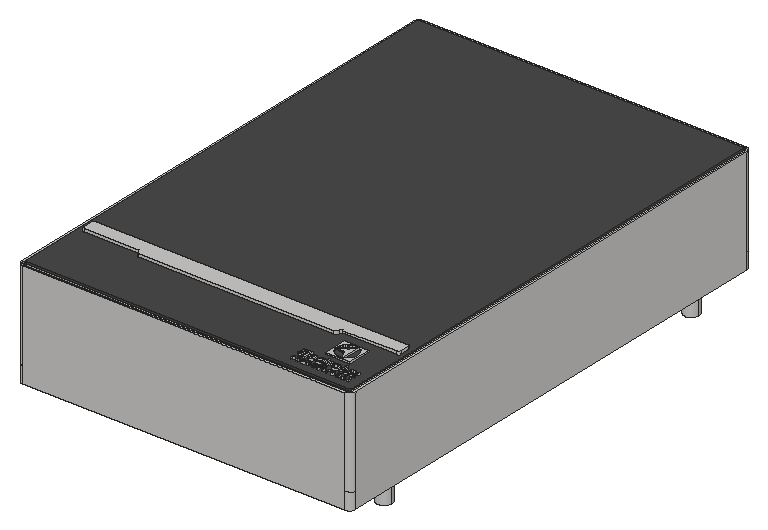
Revit family "QF_ELECTROLUXPROFESSIONAL_600879_E1HAEEOMCS", category Specialty Equipment, Revit 2018
Family settings
  Round Connector Dimension = Use Diameter
  Part Type = Normal
  Work Plane-Based = No
  Always vertical = Yes
  Cut with Voids When Loaded = No
  Shared = No
  Room Calculation Point = No
Parameters (values of type "Standard")
  Watts = 0 W
  Volts = 220 V
  URL = "http://professional.electrolux.com"
  Steam Supply Size = 0 mm
  Steam Supply Minimum Pressure = 0.0 Pa
  Steam Supply Maximum Pressure = 0.0 Pa
  Steam Pounds per Hour = 0
  Show Logo [instance] = yes
  Manufacturer = "Electrolux Professional"
  Phase = 1
  Model = "E1HAEEOMCS"
  Item Number = "600879"
  Hot Water Size = 0 mm
  HP = "4.7 HP"
  Gas Size = 0 mm
  Gas KW = 0
  Direct Waste Size = 0 mm
  Description = "PLUG-IN INDUCTION DOUBLE ZONE COOK TOP"
  Cycle = 60 Hz
  Condensate Return Size = 0 mm
  Compressed Air Volume = 0.0 L/s
  Compressed Air Size = 0 mm
  Compressed Air Pressure = 0.0 Pa
  Cold Water Size = 0 mm
Values of the unnamed type that differ from the named types
  Volts = 0 V
  Item Number = ""
  Cycle = 0 Hz
Reference planes
  plane 1 "Centro (Fronte/Retro)": y = 74.737
  plane 2: z = 0
  plane 3: x = -514.269
  plane 4 "LEFT": x = -714.269
  plane 5 "RIGHT": x = -314.269
  plane 6 "BACK": y = 374.737
  plane 7 "FRONT": y = -225.263
  plane 8: x = -712.269
  plane 9: y = 372.737
  plane 10: x = -316.269
  plane 11: y = -223.263
  plane 12: y = -124.263
  plane 13: x = -698.269
  plane 14: x = -330.269
  plane 15: y = 304.737
  plane 16: y = -155.263
  plane 17: x = -442.269
  plane 18: y = 179.737
  plane 19: z = 764
Forms (mm)
  Extrusion 1, solid, material "QF_Finishes_Stainless Steel"
    sketch origin (0, 0, 788) x (1, 0, 0) y (0, 1, 0)
      loop
        arc (-707.269, 374.737) -> (-712.218, 372.687) -> (-714.269, 367.737) r 7
        line (-714.269, 367.737) -> (-714.269, -218.263)
        arc (-714.269, -218.263) -> (-712.218, -223.213) -> (-707.269, -225.263) r 7
        line (-707.269, -225.263) -> (-321.269, -225.263)
        arc (-321.269, -225.263) -> (-316.319, -223.213) -> (-314.269, -218.263) r 7
        line (-314.269, -218.263) -> (-314.269, 367.737)
        arc (-314.269, 367.737) -> (-316.319, 372.687) -> (-321.269, 374.737) r 7
        line (-321.269, 374.737) -> (-707.269, 374.737)
    from 0 to 20
  Extrusion 2, solid, material "QF_Finishes_Stainless Steel"
    sketch origin (0, 0, 788) x (1, 0, 0) y (0, 1, 0)
      loop
        line (-321.269, 374.737) -> (-707.269, 374.737)
        arc (-707.269, 374.737) -> (-712.218, 372.687) -> (-714.269, 367.737) r 7
        line (-714.269, 367.737) -> (-714.269, -218.263)
        arc (-714.269, -218.263) -> (-712.218, -223.213) -> (-707.269, -225.263) r 7
        line (-707.269, -225.263) -> (-321.269, -225.263)
        arc (-321.269, -225.263) -> (-316.319, -223.213) -> (-314.269, -218.263) r 7
        line (-314.269, -218.263) -> (-314.269, 367.737)
        arc (-314.269, 367.737) -> (-316.319, 372.687) -> (-321.269, 374.737) r 7
      loop
        arc (-707.269, 372.737) -> (-710.804, 371.273) -> (-712.269, 367.737) r 5
        line (-712.269, 367.737) -> (-712.269, -218.263)
        arc (-712.269, -218.263) -> (-710.804, -221.798) -> (-707.269, -223.263) r 5
        line (-707.269, -223.263) -> (-321.269, -223.263)
        arc (-321.269, -223.263) -> (-317.733, -221.798) -> (-316.269, -218.263) r 5
        line (-316.269, -218.263) -> (-316.269, 367.737)
        arc (-316.269, 367.737) -> (-317.733, 371.273) -> (-321.269, 372.737) r 5
        line (-321.269, 372.737) -> (-707.269, 372.737)
    from 20 to 126
  Extrusion 3, solid, material "QF_Finishes_Black"
    sketch origin (0, 0, 914) x (-1, 0, 0) y (0, -1, 0)
      loop
        arc (707.269, -369.737) -> (708.683, -369.151) -> (709.269, -367.737) r 2
        line (709.269, -367.737) -> (709.269, 218.263)
        arc (709.269, 218.263) -> (708.683, 219.677) -> (707.269, 220.263) r 2
        line (707.269, 220.263) -> (321.269, 220.263)
        arc (321.269, 220.263) -> (319.854, 219.677) -> (319.269, 218.263) r 2
        line (319.269, 218.263) -> (319.269, -367.737)
        arc (319.269, -367.737) -> (319.854, -369.151) -> (321.269, -369.737) r 2
        line (321.269, -369.737) -> (707.269, -369.737)
    from 0 to 2
  Extrusion 4, solid, material "QF_Finishes_Stainless Steel"
    sketch origin (0, 0, 914) x (-1, 0, 0) y (0, -1, 0)
      loop
        arc (701.269, 124.263) -> (703.39, 125.142) -> (704.269, 127.263) r 3
        line (704.269, 127.263) -> (704.269, 137.763)
        arc (704.269, 137.763) -> (703.39, 139.884) -> (701.269, 140.763) r 3
        line (701.269, 140.763) -> (637.269, 140.763)
        arc (637.269, 140.763) -> (635.147, 141.642) -> (634.269, 143.763) r 3
        arc (634.269, 143.763) -> (633.39, 145.884) -> (631.269, 146.763) r 3
        line (631.269, 146.763) -> (397.269, 146.763)
        arc (397.269, 146.763) -> (395.147, 145.884) -> (394.269, 143.763) r 3
        arc (394.269, 143.763) -> (393.39, 141.642) -> (391.269, 140.763) r 3
        line (391.269, 140.763) -> (327.269, 140.763)
        arc (327.269, 140.763) -> (325.147, 139.884) -> (324.269, 137.763) r 3
        line (324.269, 137.763) -> (324.269, 127.263)
        arc (324.269, 127.263) -> (325.147, 125.142) -> (327.269, 124.263) r 3
        line (327.269, 124.263) -> (701.269, 124.263)
    from 2 to 5
  Extrusion 5, solid, material "QF_Finishes_Stainless Steel"
    sketch origin (0, 0, 140) x (-1, 0, 0) y (0, -1, 0)
      loop
        circle (698.269, -304.737) r 9
      loop
        circle (330.269, -304.737) r 9
      loop
        circle (698.269, 155.263) r 9
      loop
        circle (330.269, 155.263) r 9
    from 624 to 648
  Extrusion 6, solid, material "QF_Finishes_Stainless Steel"
    sketch origin (0, 0, 140) x (-1, 0, 0) y (0, -1, 0)
      loop
        circle (442.269, -179.737) r 10
    from 638.028 to 648
Cuts and joins
  joined: Extrusion 1, Extrusion 2
Lines and regions (mm)
  Split face 1
    outline origin (0, 0, 916) x (-1, 0, 0) y (0, -1, 0)
      loop
        line (324.269, 124.263) -> (324.269, -364.737) -> (704.269, -364.737) -> (704.269, 124.263) -> (324.269, 124.263)
  Split face 2
    outline origin (0, 0, 916) x (-1, 0, 0) y (0, -1, 0)
      loop
        circle (514.269, -237.487) r 104
  Split face 3
    outline origin (0, 240.474, 916) x (-1, 0, 0) y (0, -1, 0)
      loop
        circle (514.269, 237.487) r 104
  symbolic lines
    curve 1: line (-321.269, 374.737, 126) -> (-707.269, 374.737, 126)
    curve 2: arc (-707.269, 374.737, 126) -> (-712.218, 372.687, 126) -> (-714.269, 367.737, 126) r 7
    curve 3: line (-714.269, 367.737, 126) -> (-714.269, -218.263, 126)
    curve 4: arc (-714.269, -218.263, 126) -> (-712.218, -223.213, 126) -> (-707.269, -225.263, 126) r 7
    curve 5: line (-707.269, -225.263, 126) -> (-321.269, -225.263, 126)
    curve 6: arc (-321.269, -225.263, 126) -> (-316.319, -223.213, 126) -> (-314.269, -218.263, 126) r 7
    curve 7: line (-314.269, -218.263, 126) -> (-314.269, 367.737, 126)
    curve 8: arc (-314.269, 367.737, 126) -> (-316.319, 372.687, 126) -> (-321.269, 374.737, 126) r 7
    curve 9: line (-707.269, 372.737, 126) -> (-321.269, 372.737, 126)
    curve 10: arc (-321.269, 372.737, 126) -> (-317.733, 371.273, 126) -> (-316.269, 367.737, 126) r 5
    curve 11: line (-316.269, 367.737, 126) -> (-316.269, -218.263, 126)
    curve 12: arc (-316.269, -218.263, 126) -> (-317.733, -221.798, 126) -> (-321.269, -223.263, 126) r 5
    curve 13: line (-321.269, -223.263, 126) -> (-707.269, -223.263, 126)
    curve 14: arc (-707.269, -223.263, 126) -> (-710.804, -221.798, 126) -> (-712.269, -218.263, 126) r 5
    curve 15: line (-712.269, -218.263, 126) -> (-712.269, 367.737, 126)
    curve 16: arc (-712.269, 367.737, 126) -> (-710.804, 371.273, 126) -> (-707.269, 372.737, 126) r 5
    curve 17: line (-631.269, -146.763, 126) -> (-397.269, -146.763, 126)
    curve 18: arc (-397.269, -146.763, 126) -> (-395.147, -145.884, 126) -> (-394.269, -143.763, 126) r 3
    curve 19: arc (-394.269, -143.763, 126) -> (-393.39, -141.642, 126) -> (-391.269, -140.763, 126) r 3
    curve 20: line (-391.269, -140.763, 126) -> (-327.269, -140.763, 126)
    curve 21: arc (-327.269, -140.763, 126) -> (-325.147, -139.884, 126) -> (-324.269, -137.763, 126) r 3
    curve 22: line (-324.269, -137.763, 126) -> (-324.269, -127.263, 126)
    curve 23: arc (-324.269, -127.263, 126) -> (-325.147, -125.142, 126) -> (-327.269, -124.263, 126) r 3
    curve 24: line (-324.269, -124.263, 126) -> (-704.269, -124.263, 126)
    curve 25: arc (-701.269, -124.263, 126) -> (-703.39, -125.142, 126) -> (-704.269, -127.263, 126) r 3
    curve 26: line (-704.269, -127.263, 126) -> (-704.269, -137.763, 126)
    curve 27: arc (-704.269, -137.763, 126) -> (-703.39, -139.884, 126) -> (-701.269, -140.763, 126) r 3
    curve 28: line (-701.269, -140.763, 126) -> (-637.269, -140.763, 126)
    curve 29: arc (-637.269, -140.763, 126) -> (-635.147, -141.642, 126) -> (-634.269, -143.763, 126) r 3
    curve 30: arc (-634.269, -143.763, 126) -> (-633.39, -145.884, 126) -> (-631.269, -146.763, 126) r 3
    curve 31: line (-704.269, 364.737, 126) -> (-704.269, -124.263, 126)
    curve 32: line (-324.269, -124.263, 126) -> (-324.269, 364.737, 126)
    curve 33: line (-324.269, 364.737, 126) -> (-704.269, 364.737, 126)
    curve 34: line (-319.269, -218.263, 126) -> (-319.269, 367.737, 126)
    curve 35: arc (-319.269, 367.737, 126) -> (-319.854, 369.151, 126) -> (-321.269, 369.737, 126) r 2
    curve 36: line (-321.269, 369.737, 126) -> (-707.269, 369.737, 126)
    curve 37: arc (-707.269, 369.737, 126) -> (-708.683, 369.151, 126) -> (-709.269, 367.737, 126) r 2
    curve 38: line (-709.269, 367.737, 126) -> (-709.269, -218.263, 126)
    curve 39: arc (-709.269, -218.263, 126) -> (-708.683, -219.677, 126) -> (-707.269, -220.263, 126) r 2
    curve 40: line (-707.269, -220.263, 126) -> (-321.269, -220.263, 126)
    curve 41: arc (-321.269, -220.263, 126) -> (-319.854, -219.677, 126) -> (-319.269, -218.263, 126) r 2
    curve 42: line (-378.626, -153.452, 126) -> (-378.626, -182.168, 126)
    curve 43: line (-378.626, -182.168, 126) -> (-349.912, -182.168, 126)
    curve 44: line (-349.912, -182.168, 126) -> (-349.912, -153.452, 126)
    curve 45: line (-349.912, -153.452, 126) -> (-378.626, -153.452, 126)
    curve 46: line (-375.841, -162.424, 126) -> (-375.07, -161.023, 126)
    curve 47: line (-375.07, -161.023, 126) -> (-374.141, -159.732, 126)
    curve 48: line (-374.141, -159.732, 126) -> (-373.065, -158.564, 126)
    curve 49: line (-373.065, -158.564, 126) -> (-371.856, -157.535, 126)
    curve 50: line (-371.856, -157.535, 126) -> (-370.527, -156.661, 126)
    curve 51: line (-370.527, -156.661, 126) -> (-369.091, -155.954, 126)
    curve 52: line (-369.091, -155.954, 126) -> (-367.562, -155.431, 126)
    curve 53: line (-367.562, -155.431, 126) -> (-365.952, -155.107, 126)
    curve 54: arc (-365.952, -155.107, 126) -> (-363.752, -155.007, 126) -> (-361.567, -155.279, 126) r 13.008
    curve 55: arc (-361.567, -155.279, 126) -> (-361.815, -157.647, 126) -> (-362.651, -159.876, 126) r 9.395
    curve 56: line (-362.651, -159.876, 126) -> (-363.438, -161.245, 126)
    curve 57: line (-363.438, -161.245, 126) -> (-364.403, -162.507, 126)
    curve 58: line (-364.403, -162.507, 126) -> (-365.524, -163.648, 126)
    curve 59: line (-365.524, -163.648, 126) -> (-366.781, -164.654, 126)
    curve 60: line (-366.781, -164.654, 126) -> (-368.151, -165.509, 126)
    curve 61: line (-368.151, -165.509, 126) -> (-369.615, -166.2, 126)
    curve 62: line (-369.615, -166.2, 126) -> (-371.15, -166.712, 126)
    curve 63: line (-371.15, -166.712, 126) -> (-372.736, -167.029, 126)
    curve 64: line (-372.736, -167.029, 126) -> (-374.352, -167.138, 126)
    curve 65: line (-374.352, -167.138, 126) -> (-377.067, -167.138, 126)
    curve 66: line (-377.067, -167.138, 126) -> (-376.852, -165.495, 126)
    curve 67: line (-376.852, -165.495, 126) -> (-376.439, -163.92, 126)
    curve 68: line (-376.439, -163.92, 126) -> (-375.841, -162.424, 126)
    curve 69: line (-360.221, -179.969, 126) -> (-360.221, -155.646, 126)
    curve 70: line (-360.221, -155.646, 126) -> (-358.743, -156.237, 126)
    curve 71: line (-358.743, -156.237, 126) -> (-357.363, -157.003, 126)
    curve 72: line (-357.363, -157.003, 126) -> (-356.095, -157.931, 126)
    curve 73: line (-356.095, -157.931, 126) -> (-354.951, -159.007, 126)
    curve 74: line (-354.951, -159.007, 126) -> (-353.945, -160.217, 126)
    curve 75: line (-353.945, -160.217, 126) -> (-353.092, -161.548, 126)
    curve 76: line (-353.092, -161.548, 126) -> (-352.403, -162.986, 126)
    curve 77: line (-352.403, -162.986, 126) -> (-351.894, -164.517, 126)
    curve 78: line (-351.894, -164.517, 126) -> (-351.576, -166.128, 126)
    curve 79: line (-351.576, -166.128, 126) -> (-351.464, -167.804, 126)
    curve 80: line (-351.464, -167.804, 126) -> (-351.567, -169.456, 126)
    curve 81: line (-351.567, -169.456, 126) -> (-351.873, -171.047, 126)
    curve 82: line (-351.873, -171.047, 126) -> (-352.372, -172.563, 126)
    curve 83: line (-352.372, -172.563, 126) -> (-353.05, -173.992, 126)
    curve 84: line (-353.05, -173.992, 126) -> (-353.897, -175.319, 126)
    curve 85: line (-353.897, -175.319, 126) -> (-354.899, -176.532, 126)
    curve 86: line (-354.899, -176.532, 126) -> (-356.044, -177.617, 126)
    curve 87: line (-356.044, -177.617, 126) -> (-357.321, -178.56, 126)
    curve 88: line (-357.321, -178.56, 126) -> (-358.718, -179.349, 126)
    curve 89: line (-358.718, -179.349, 126) -> (-360.221, -179.969, 126)
    curve 90: line (-369.613, -169.43, 126) -> (-368.15, -170.12, 126)
    curve 91: line (-368.15, -170.12, 126) -> (-366.78, -170.975, 126)
    curve 92: line (-366.78, -170.975, 126) -> (-365.524, -171.98, 126)
    curve 93: line (-365.524, -171.98, 126) -> (-364.403, -173.12, 126)
    curve 94: line (-364.403, -173.12, 126) -> (-363.439, -174.381, 126)
    curve 95: line (-363.439, -174.381, 126) -> (-362.652, -175.748, 126)
    curve 96: arc (-362.652, -175.748, 126) -> (-361.85, -177.982, 126) -> (-361.568, -180.34, 126) r 10.532
    curve 97: arc (-361.568, -180.34, 126) -> (-362.906, -180.548, 126) -> (-364.258, -180.63, 126) r 14.39
    curve 98: line (-364.258, -180.63, 126) -> (-365.828, -180.532, 126)
    curve 99: line (-365.828, -180.532, 126) -> (-367.331, -180.252, 126)
    curve 100: line (-367.331, -180.252, 126) -> (-368.77, -179.801, 126)
    curve 101: line (-368.77, -179.801, 126) -> (-370.134, -179.191, 126)
    curve 102: line (-370.134, -179.191, 126) -> (-371.411, -178.434, 126)
    curve 103: line (-371.411, -178.434, 126) -> (-372.589, -177.541, 126)
    curve 104: line (-372.589, -177.541, 126) -> (-373.656, -176.525, 126)
    curve 105: line (-373.656, -176.525, 126) -> (-374.6, -175.397, 126)
    curve 106: line (-374.6, -175.397, 126) -> (-375.41, -174.168, 126)
    curve 107: line (-375.41, -174.168, 126) -> (-376.073, -172.852, 126)
    curve 108: line (-376.073, -172.852, 126) -> (-376.579, -171.46, 126)
    curve 109: line (-376.579, -171.46, 126) -> (-376.915, -170.003, 126)
    curve 110: line (-376.915, -170.003, 126) -> (-377.069, -168.493, 126)
    curve 111: line (-377.069, -168.493, 126) -> (-374.35, -168.493, 126)
    curve 112: line (-374.35, -168.493, 126) -> (-372.734, -168.602, 126)
    curve 113: line (-372.734, -168.602, 126) -> (-371.148, -168.919, 126)
    curve 114: line (-371.148, -168.919, 126) -> (-369.613, -169.43, 126)
    curve 115: arc (-399.495, -197.154, 126) -> (-398.466, -199.638, 126) -> (-395.982, -200.667, 126) r 3.513
    curve 116: line (-395.982, -200.667, 126) -> (-392.408, -200.667, 126)
    curve 117: line (-392.408, -200.667, 126) -> (-392.408, -198.85, 126)
    curve 118: line (-392.408, -198.85, 126) -> (-395.966, -198.85, 126)
    curve 119: arc (-395.966, -198.85, 126) -> (-397.094, -198.382, 126) -> (-397.562, -197.254, 126) r 1.596
    curve 120: line (-397.562, -197.254, 126) -> (-397.562, -195.74, 126)
    curve 121: line (-397.562, -195.74, 126) -> (-392.843, -195.74, 126)
    curve 122: line (-392.843, -195.74, 126) -> (-392.843, -193.917, 126)
    curve 123: line (-392.843, -193.917, 126) -> (-397.563, -193.917, 126)
    curve 124: line (-397.563, -193.917, 126) -> (-397.563, -191.264, 126)
    curve 125: line (-397.563, -191.264, 126) -> (-392.542, -191.264, 126)
    curve 126: line (-392.542, -191.264, 126) -> (-392.542, -189.445, 126)
    curve 127: line (-392.542, -189.445, 126) -> (-399.495, -189.445, 126)
    curve 128: line (-399.495, -189.445, 126) -> (-399.495, -193.353, 126)
    curve 129: line (-399.495, -193.353, 126) -> (-399.495, -197.154, 126)
    curve 130: line (-389.101, -189.455, 126) -> (-391.035, -189.455, 126)
    curve 131: line (-391.035, -189.455, 126) -> (-391.035, -194.76, 126)
    curve 132: line (-391.035, -194.76, 126) -> (-391.035, -200.681, 126)
    curve 133: line (-391.035, -200.681, 126) -> (-389.101, -200.681, 126)
    curve 134: line (-389.101, -200.681, 126) -> (-389.101, -194.721, 126)
    curve 135: line (-389.101, -194.721, 126) -> (-389.101, -189.455, 126)
    curve 136: arc (-380.394, -193.787, 126) -> (-383.654, -192.313, 126) -> (-386.913, -193.787, 126) r 4.34
    curve 137: arc (-386.913, -193.787, 126) -> (-387.819, -196.606, 126) -> (-386.913, -199.425, 126) r 4.838
    curve 138: arc (-386.913, -199.425, 126) -> (-383.498, -200.88, 126) -> (-380.082, -199.425, 126) r 4.737
    curve 139: line (-380.082, -199.425, 126) -> (-381.246, -198.293, 126)
    curve 140: arc (-381.246, -198.293, 126) -> (-383.382, -199.237, 126) -> (-385.517, -198.293, 126) r 2.888
    curve 141: arc (-385.517, -198.293, 126) -> (-385.841, -197.736, 126) -> (-385.905, -197.095, 126) r 1.527
    curve 142: line (-385.905, -197.095, 126) -> (-379.564, -197.095, 126)
    curve 143: arc (-379.564, -197.095, 126) -> (-379.672, -195.364, 126) -> (-380.394, -193.787, 126) r 4.757
    curve 144: line (-381.505, -195.736, 126) -> (-385.858, -195.736, 126)
    curve 145: arc (-385.858, -195.736, 126) -> (-385.043, -194.411, 126) -> (-383.56, -193.941, 126) r 2.23
    curve 146: arc (-383.56, -193.941, 126) -> (-382.221, -194.482, 126) -> (-381.505, -195.736, 126) r 2.201
    curve 147: arc (-372.029, -198.26, 126) -> (-376.639, -196.593, 126) -> (-372.029, -194.927, 126) r 2.606
    curve 148: line (-372.029, -194.927, 126) -> (-370.832, -193.681, 126)
    curve 149: arc (-370.832, -193.681, 126) -> (-378.564, -196.594, 126) -> (-370.832, -199.507, 126) r 4.415
    curve 150: line (-370.832, -199.507, 126) -> (-372.029, -198.26, 126)
    curve 151: line (-369.629, -193.481, 126) -> (-369.629, -197.299, 126)
    curve 152: arc (-369.629, -197.299, 126) -> (-368.592, -199.893, 126) -> (-365.911, -200.681, 126) r 3.196
    curve 153: line (-365.911, -200.681, 126) -> (-365.904, -198.864, 126)
    curve 154: arc (-365.904, -198.864, 126) -> (-367.239, -198.457, 126) -> (-367.699, -197.14, 126) r 1.542
    curve 155: line (-367.699, -197.14, 126) -> (-367.699, -194.319, 126)
    curve 156: line (-367.699, -194.319, 126) -> (-365.94, -194.319, 126)
    curve 157: line (-365.94, -194.319, 126) -> (-365.94, -192.562, 126)
    curve 158: line (-365.94, -192.562, 126) -> (-367.696, -192.562, 126)
    curve 159: line (-367.696, -192.562, 126) -> (-367.696, -189.455, 126)
    curve 160: line (-367.696, -189.455, 126) -> (-369.629, -189.455, 126)
    curve 161: line (-369.629, -189.455, 126) -> (-369.629, -193.481, 126)
    curve 162: arc (-359.402, -192.451, 126) -> (-361.13, -192.587, 126) -> (-362.397, -193.771, 126) r 2.627
    curve 163: line (-362.397, -193.771, 126) -> (-362.397, -192.563, 126)
    curve 164: line (-362.397, -192.563, 126) -> (-364.315, -192.563, 126)
    curve 165: line (-364.315, -192.563, 126) -> (-364.315, -196.541, 126)
    curve 166: line (-364.315, -196.541, 126) -> (-364.315, -200.681, 126)
    curve 167: line (-364.315, -200.681, 126) -> (-362.397, -200.681, 126)
    curve 168: line (-362.397, -200.681, 126) -> (-362.397, -196.412, 126)
    curve 169: arc (-362.397, -196.412, 126) -> (-361.445, -194.585, 126) -> (-359.402, -194.319, 126) r 2.229
    curve 170: line (-359.402, -194.319, 126) -> (-359.402, -192.451, 126)
    curve 171: arc (-350.248, -196.625, 126) -> (-354.668, -192.205, 126) -> (-359.088, -196.625, 126) r 4.42
    curve 172: arc (-359.088, -196.625, 126) -> (-354.668, -201.046, 126) -> (-350.248, -196.625, 126) r 4.42
    curve 173: arc (-357.176, -196.625, 126) -> (-354.668, -194.117, 126) -> (-352.16, -196.625, 126) r 2.508
    curve 174: arc (-352.16, -196.625, 126) -> (-354.668, -199.134, 126) -> (-357.176, -196.625, 126) r 2.508
    curve 175: line (-347.124, -189.454, 126) -> (-349.058, -189.454, 126)
    curve 176: line (-349.058, -189.454, 126) -> (-349.058, -194.566, 126)
    curve 177: line (-349.058, -194.566, 126) -> (-349.058, -200.682, 126)
    curve 178: line (-349.058, -200.682, 126) -> (-347.124, -200.682, 126)
    curve 179: line (-347.124, -200.682, 126) -> (-347.124, -194.643, 126)
    curve 180: line (-347.124, -194.643, 126) -> (-347.124, -189.454, 126)
    curve 181: line (-343.697, -192.562, 126) -> (-345.646, -192.562, 126)
    curve 182: line (-345.646, -192.562, 126) -> (-345.646, -194.915, 126)
    curve 183: line (-345.646, -194.915, 126) -> (-345.646, -197.715, 126)
    curve 184: arc (-345.646, -197.715, 126) -> (-341.931, -201.044, 126) -> (-338.204, -197.728, 126) r 3.745
    curve 185: line (-338.204, -197.728, 126) -> (-338.204, -194.915, 126)
    curve 186: line (-338.204, -194.915, 126) -> (-338.204, -192.562, 126)
    curve 187: line (-338.204, -192.562, 126) -> (-340.152, -192.562, 126)
    curve 188: line (-340.152, -192.562, 126) -> (-340.152, -197.299, 126)
    curve 189: arc (-340.152, -197.299, 126) -> (-341.925, -199.071, 126) -> (-343.697, -197.299, 126) r 1.772
    curve 190: line (-343.697, -197.299, 126) -> (-343.697, -192.562, 126)
    curve 191: line (-334.237, -196.397, 126) -> (-335.916, -198.735, 126)
    curve 192: line (-335.916, -198.735, 126) -> (-337.313, -200.682, 126)
    curve 193: line (-337.313, -200.682, 126) -> (-335.235, -200.682, 126)
    curve 194: line (-335.235, -200.682, 126) -> (-333.174, -197.813, 126)
    curve 195: line (-333.174, -197.813, 126) -> (-331.112, -200.682, 126)
    curve 196: line (-331.112, -200.682, 126) -> (-329.034, -200.682, 126)
    curve 197: line (-329.034, -200.682, 126) -> (-330.891, -198.085, 126)
    curve 198: line (-330.891, -198.085, 126) -> (-332.11, -196.38, 126)
    curve 199: line (-332.11, -196.38, 126) -> (-330.601, -194.325, 126)
    curve 200: line (-330.601, -194.325, 126) -> (-329.308, -192.563, 126)
    curve 201: line (-329.308, -192.563, 126) -> (-331.418, -192.563, 126)
    curve 202: line (-331.418, -192.563, 126) -> (-333.174, -194.995, 126)
    curve 203: line (-333.174, -194.995, 126) -> (-334.946, -192.563, 126)
    curve 204: line (-334.946, -192.563, 126) -> (-337.039, -192.563, 126)
    curve 205: line (-337.039, -192.563, 126) -> (-335.839, -194.205, 126)
    curve 206: line (-335.839, -194.205, 126) -> (-334.237, -196.397, 126)
    curve 207: line (-399.467, -205.699, 126) -> (-399.467, -209.59, 126)
    curve 208: line (-399.467, -209.59, 126) -> (-398.667, -209.59, 126)
    curve 209: line (-398.667, -209.59, 126) -> (-398.667, -208.271, 126)
    curve 210: line (-398.667, -208.271, 126) -> (-397.697, -208.271, 126)
    curve 211: arc (-397.697, -208.271, 126) -> (-396.674, -206.863, 126) -> (-397.967, -205.699, 126) r 1.3
    curve 212: line (-397.967, -205.699, 126) -> (-399.467, -205.699, 126)
    curve 213: line (-398.667, -207.52, 126) -> (-398.667, -206.434, 126)
    curve 214: line (-398.667, -206.434, 126) -> (-397.861, -206.434, 126)
    curve 215: arc (-397.861, -206.434, 126) -> (-397.461, -206.977, 126) -> (-397.861, -207.52, 126) r 0.569
    curve 216: line (-397.861, -207.52, 126) -> (-398.667, -207.52, 126)
    curve 217: line (-393.389, -205.699, 126) -> (-393.389, -209.59, 126)
    curve 218: line (-393.389, -209.59, 126) -> (-392.589, -209.59, 126)
    curve 219: line (-392.589, -209.59, 126) -> (-392.589, -208.249, 126)
    curve 220: line (-392.589, -208.249, 126) -> (-391.763, -208.249, 126)
    curve 221: line (-391.763, -208.249, 126) -> (-390.957, -209.59, 126)
    curve 222: line (-390.957, -209.59, 126) -> (-390.05, -209.59, 126)
    curve 223: line (-390.05, -209.59, 126) -> (-391.058, -207.929, 126)
    curve 224: arc (-391.058, -207.929, 126) -> (-390.677, -206.531, 126) -> (-391.863, -205.699, 126) r 1.26
    curve 225: line (-391.863, -205.699, 126) -> (-393.389, -205.699, 126)
    curve 226: line (-392.589, -207.52, 126) -> (-392.589, -206.434, 126)
    curve 227: line (-392.589, -206.434, 126) -> (-391.782, -206.434, 126)
    curve 228: arc (-391.782, -206.434, 126) -> (-391.383, -206.977, 126) -> (-391.782, -207.52, 126) r 0.569
    curve 229: line (-391.782, -207.52, 126) -> (-392.589, -207.52, 126)
    curve 230: arc (-386.695, -207.668, 126) -> (-385.407, -206.38, 126) -> (-384.119, -207.668, 126) r 1.288
    curve 231: arc (-384.119, -207.668, 126) -> (-385.407, -208.956, 126) -> (-386.695, -207.668, 126) r 1.288
    curve 232: arc (-383.342, -207.668, 126) -> (-385.407, -205.603, 126) -> (-387.472, -207.668, 126) r 2.065
    curve 233: arc (-387.472, -207.668, 126) -> (-385.407, -209.733, 126) -> (-383.342, -207.668, 126) r 2.065
    curve 234: line (-379.969, -205.699, 126) -> (-379.969, -209.59, 126)
    curve 235: line (-379.969, -209.59, 126) -> (-379.169, -209.59, 126)
    curve 236: line (-379.169, -209.59, 126) -> (-379.169, -208.099, 126)
    curve 237: line (-379.169, -208.099, 126) -> (-377.704, -208.099, 126)
    curve 238: line (-377.704, -208.099, 126) -> (-377.704, -207.299, 126)
    curve 239: line (-377.704, -207.299, 126) -> (-379.169, -207.299, 126)
    curve 240: line (-379.169, -207.299, 126) -> (-379.169, -206.499, 126)
    curve 241: line (-379.169, -206.499, 126) -> (-377.564, -206.499, 126)
    curve 242: line (-377.564, -206.499, 126) -> (-377.564, -205.699, 126)
    curve 243: line (-377.564, -205.699, 126) -> (-379.969, -205.699, 126)
    curve 244: line (-374.264, -205.699, 126) -> (-374.264, -208.344, 126)
    curve 245: arc (-374.264, -208.344, 126) -> (-373.899, -209.225, 126) -> (-373.017, -209.59, 126) r 1.246
    curve 246: line (-373.017, -209.59, 126) -> (-371.761, -209.59, 126)
    curve 247: line (-371.761, -209.59, 126) -> (-371.761, -208.79, 126)
    curve 248: line (-371.761, -208.79, 126) -> (-372.922, -208.79, 126)
    curve 249: arc (-372.922, -208.79, 126) -> (-373.361, -208.576, 126) -> (-373.464, -208.099, 126) r 0.558
    curve 250: line (-373.464, -208.099, 126) -> (-371.907, -208.099, 126)
    curve 251: line (-371.907, -208.099, 126) -> (-371.907, -207.299, 126)
    curve 252: line (-371.907, -207.299, 126) -> (-373.464, -207.299, 126)
    curve 253: line (-373.464, -207.299, 126) -> (-373.464, -206.499, 126)
    curve 254: line (-373.464, -206.499, 126) -> (-371.799, -206.499, 126)
    curve 255: line (-371.799, -206.499, 126) -> (-371.799, -205.699, 126)
    curve 256: line (-371.799, -205.699, 126) -> (-374.264, -205.699, 126)
    curve 257: arc (-368.711, -208.718, 126) -> (-367.818, -209.538, 126) -> (-366.606, -209.568, 126) r 1.725
    curve 258: arc (-366.606, -209.568, 126) -> (-365.785, -208.793, 126) -> (-366.071, -207.702, 126) r 1.107
    curve 259: arc (-366.071, -207.702, 126) -> (-366.648, -207.348, 126) -> (-367.264, -207.067, 126) r 5.523
    curve 260: arc (-367.264, -207.067, 126) -> (-367.604, -206.55, 126) -> (-367.043, -206.293, 126) r 0.407
    curve 261: arc (-367.043, -206.293, 126) -> (-366.706, -206.498, 126) -> (-366.425, -206.775, 126) r 1.702
    curve 262: line (-366.425, -206.775, 126) -> (-365.74, -206.363, 126)
    curve 263: arc (-365.74, -206.363, 126) -> (-366.172, -205.902, 126) -> (-366.708, -205.566, 126) r 2.463
    curve 264: arc (-366.708, -205.566, 126) -> (-368.378, -206.347, 126) -> (-367.331, -207.864, 126) r 1.207
    curve 265: line (-367.331, -207.864, 126) -> (-366.868, -208.812, 126)
    curve 266: arc (-366.868, -208.812, 126) -> (-367.513, -208.798, 126) -> (-367.991, -208.367, 126) r 0.925
    curve 267: line (-367.991, -208.367, 126) -> (-368.711, -208.718, 126)
    curve 268: arc (-362.851, -208.718, 126) -> (-361.958, -209.538, 126) -> (-360.746, -209.568, 126) r 1.725
    curve 269: arc (-360.746, -209.568, 126) -> (-359.926, -208.793, 126) -> (-360.211, -207.702, 126) r 1.107
    curve 270: arc (-360.211, -207.702, 126) -> (-360.788, -207.348, 126) -> (-361.405, -207.067, 126) r 5.523
    curve 271: arc (-361.405, -207.067, 126) -> (-361.745, -206.55, 126) -> (-361.183, -206.293, 126) r 0.407
    curve 272: arc (-361.183, -206.293, 126) -> (-360.846, -206.498, 126) -> (-360.566, -206.775, 126) r 1.702
    curve 273: line (-360.566, -206.775, 126) -> (-359.88, -206.363, 126)
    curve 274: arc (-359.88, -206.363, 126) -> (-360.313, -205.902, 126) -> (-360.848, -205.566, 126) r 2.463
    curve 275: arc (-360.848, -205.566, 126) -> (-362.518, -206.347, 126) -> (-361.471, -207.864, 126) r 1.207
    curve 276: line (-361.471, -207.864, 126) -> (-361.009, -208.812, 126)
    curve 277: arc (-361.009, -208.812, 126) -> (-361.653, -208.798, 126) -> (-362.132, -208.367, 126) r 0.925
    curve 278: line (-362.132, -208.367, 126) -> (-362.851, -208.718, 126)
    curve 279: line (-356.591, -209.59, 126) -> (-355.791, -209.59, 126)
    curve 280: line (-355.791, -209.59, 126) -> (-355.791, -205.699, 126)
    curve 281: line (-355.791, -205.699, 126) -> (-356.591, -205.699, 126)
    curve 282: line (-356.591, -205.699, 126) -> (-356.591, -209.59, 126)
    curve 283: arc (-352.472, -207.668, 126) -> (-350.407, -209.733, 126) -> (-348.342, -207.668, 126) r 2.065
    curve 284: arc (-348.342, -207.668, 126) -> (-350.407, -205.603, 126) -> (-352.472, -207.668, 126) r 2.065
    curve 285: arc (-351.695, -207.668, 126) -> (-350.407, -206.38, 126) -> (-349.119, -207.668, 126) r 1.288
    curve 286: arc (-349.119, -207.668, 126) -> (-350.407, -208.956, 126) -> (-351.695, -207.668, 126) r 1.288
    curve 287: line (-345.051, -205.699, 126) -> (-345.051, -209.59, 126)
    curve 288: line (-345.051, -209.59, 126) -> (-344.221, -209.59, 126)
    curve 289: line (-344.221, -209.59, 126) -> (-344.221, -207.143, 126)
    curve 290: line (-344.221, -207.143, 126) -> (-342.441, -209.59, 126)
    curve 291: line (-342.441, -209.59, 126) -> (-341.641, -209.59, 126)
    curve 292: line (-341.641, -209.59, 126) -> (-341.641, -205.699, 126)
    curve 293: line (-341.641, -205.699, 126) -> (-342.471, -205.699, 126)
    curve 294: line (-342.471, -205.699, 126) -> (-342.471, -208.219, 126)
    curve 295: line (-342.471, -208.219, 126) -> (-344.251, -205.699, 126)
    curve 296: line (-344.251, -205.699, 126) -> (-345.051, -205.699, 126)
    curve 297: line (-336.895, -205.7, 126) -> (-338.488, -209.59, 126)
    curve 298: line (-338.488, -209.59, 126) -> (-337.629, -209.59, 126)
    curve 299: line (-337.629, -209.59, 126) -> (-337.25, -208.75, 126)
    curve 300: line (-337.25, -208.75, 126) -> (-335.811, -208.75, 126)
    curve 301: line (-335.811, -208.75, 126) -> (-335.432, -209.59, 126)
    curve 302: line (-335.432, -209.59, 126) -> (-334.574, -209.59, 126)
    curve 303: line (-334.574, -209.59, 126) -> (-336.095, -205.7, 126)
    curve 304: line (-336.095, -205.7, 126) -> (-336.895, -205.7, 126)
    curve 305: line (-336.947, -207.983, 126) -> (-336.529, -206.965, 126)
    curve 306: line (-336.529, -206.965, 126) -> (-336.131, -207.983, 126)
    curve 307: line (-336.131, -207.983, 126) -> (-336.947, -207.983, 126)
    curve 308: line (-331.398, -205.699, 126) -> (-331.398, -209.59, 126)
    curve 309: line (-331.398, -209.59, 126) -> (-329.102, -209.59, 126)
    curve 310: line (-329.102, -209.59, 126) -> (-329.102, -208.79, 126)
    curve 311: line (-329.102, -208.79, 126) -> (-330.599, -208.79, 126)
    curve 312: line (-330.599, -208.79, 126) -> (-330.599, -205.699, 126)
    curve 313: line (-330.599, -205.699, 126) -> (-331.398, -205.699, 126)
    curve 314: arc (-410.269, 237.487, 126) -> (-514.269, 341.487, 126) -> (-618.269, 237.487, 126) r 104
    curve 315: arc (-618.269, 237.487, 126) -> (-514.269, 133.487, 126) -> (-410.269, 237.487, 126) r 104
    curve 316: arc (-618.269, 2.987, 126) -> (-514.269, 106.987, 126) -> (-410.269, 2.987, 126) r 104
    curve 317: arc (-410.269, 2.987, 126) -> (-514.269, -101.013, 126) -> (-618.269, 2.987, 126) r 104
Dimensions and locks
  equal spacing: plane 4 "LEFT", plane 3, plane 5 "RIGHT"
  plane 4 "LEFT" to plane 5 "RIGHT" = 400 mm
  equal spacing: plane 6 "BACK", plane 1 "Centro (Fronte/Retro)", plane 7 "FRONT"
  plane 6 "BACK" to plane 7 "FRONT" = 600 mm
  locked: plane 4 "LEFT" to plane 13 at 16
  locked: plane 14 to plane 5 "RIGHT" at 16
  locked: plane 6 "BACK" to plane 15 at 70
  locked: plane 16 to plane 7 "FRONT" at 70
  locked: plane 17 to plane 5 "RIGHT" at 128
  locked: plane 6 "BACK" to plane 18 at 195
  Extrusion 4 to Extrusion 5 = 155 mm
  plane 19 to level = 764 mm
  aligned and locked: level to plane 2
  aligned and locked: Extrusion 5 to cut or joined group of Extrusion 1, Extrusion 2
Automatic sketch dimensions
  Extrusion 1 sketch curve to plane 4 "LEFT" = 0 mm
  Extrusion 1 sketch curve to plane 7 "FRONT" = 0 mm
  Extrusion 1 sketch curve to plane 6 "BACK" = 0 mm
  Extrusion 1 sketch curve to plane 5 "RIGHT" = 0 mm
  plane 8 to Extrusion 1 sketch curve = 5 mm  (x2)
  Extrusion 1 sketch curve to plane 10 = 5 mm  (x2)
  Extrusion 2 sketch curve to Extrusion 2 sketch curve = 0 mm  (x8)
  Extrusion 2 sketch curve to plane 4 "LEFT" = 0 mm
  Extrusion 2 sketch curve to plane 8 = 0 mm
  Extrusion 2 sketch curve to plane 6 "BACK" = 0 mm
  Extrusion 2 sketch curve to plane 7 "FRONT" = 0 mm
  Extrusion 2 sketch curve to plane 10 = 0 mm
  Extrusion 2 sketch curve to Extrusion 2 sketch curve = 5 mm  (x2)
  Extrusion 2 sketch curve to plane 10 = 5 mm  (x2)
  Extrusion 3 sketch curve to plane 10 = 3 mm
  Extrusion 3 sketch curve to Extrusion 3 sketch curve = 2 mm  (x3)
  plane 8 to Extrusion 3 sketch curve = 5 mm  (x2)
  Extrusion 3 sketch curve to plane 9 = 3 mm
  plane 11 to Extrusion 3 sketch curve = 5 mm
  Extrusion 4 sketch curve to plane 12 = 0 mm
  plane 14 to Extrusion 4 sketch curve = 6 mm
  plane 14 to Extrusion 4 sketch curve = 3 mm
  Extrusion 4 sketch curve to Extrusion 4 sketch curve = 3 mm  (x2)
  plane 16 to Extrusion 4 sketch curve = 11.5 mm
  plane 17 to Extrusion 4 sketch curve = 51 mm
  Extrusion 4 sketch curve to Extrusion 4 sketch curve = 6 mm  (x2)
  plane 16 to Extrusion 4 sketch curve = 8.5 mm
  plane 13 to Extrusion 4 sketch curve = 67 mm
  Extrusion 4 sketch curve to plane 13 = 3 mm  (x2)
  Extrusion 4 sketch curve to plane 12 = 3 mm
  Extrusion 4 sketch curve to Extrusion 4 sketch curve = 10.5 mm  (x2)
  Split face 1 sketch curve to Extrusion 3 = 5 mm  (x3)
  Split face 1 sketch curve to Extrusion 3 = 96 mm
  Extrusion 5 sketch curve to plane 14 = 0 mm  (x2)
  Extrusion 5 sketch curve to plane 13 = 0 mm  (x2)
  Extrusion 5 sketch curve to plane 15 = 0 mm  (x2)
  Extrusion 5 sketch curve to plane 16 = 0 mm  (x2)
  Extrusion 6 sketch curve to plane 17 = 0 mm
  Extrusion 6 sketch curve to plane 18 = 0 mm
  curve 2 to curve 16 = 0 mm  (x2)
  curve 2 to curve 37 = 0 mm
  curve 4 to curve 14 = 0 mm
  curve 4 to curve 39 = 0 mm  (x2)
  curve 6 to curve 12 = 0 mm  (x2)
  curve 6 to curve 41 = 0 mm
  curve 8 to curve 10 = 0 mm
  curve 8 to curve 35 = 0 mm  (x2)
  curve 10 to curve 35 = 0 mm
  curve 12 to curve 41 = 0 mm
  curve 171 to curve 173 = 0 mm  (x2)
  curve 184 to curve 189 = 0 mm  (x2)
  curve 230 to curve 232 = 0 mm
  curve 230 to curve 233 = 0 mm
  curve 257 to curve 266 = 0 mm  (x2)
  curve 260 to curve 264 = 0 mm  (x2)
  curve 268 to curve 277 = 0 mm  (x2)
  curve 271 to curve 275 = 0 mm  (x2)
  curve 283 to curve 285 = 0 mm
  curve 284 to curve 286 = 0 mm
  curve 7 to plane 5 "RIGHT" = 0 mm
  curve 10 to plane 10 = 0 mm
  curve 6 to plane 7 "FRONT" = 0 mm
  curve 8 to plane 6 "BACK" = 0 mm
  curve 32 to plane 12 = 0 mm
  curve 16 to plane 8 = 0 mm
  curve 34 to plane 10 = 3 mm
  curve 34 to curve 6 = 2 mm
  curve 35 to curve 8 = 2 mm
  curve 10 to curve 32 = 3 mm
  plane 14 to curve 22 = 6 mm
  curve 23 to curve 23 = 3 mm
  curve 21 to curve 21 = 3 mm
  plane 14 to curve 197 = 1.234 mm
  plane 14 to curve 311 = 1.166 mm
  plane 14 to curve 201 = 0.961 mm
  curve 312 to plane 14 = 0.33 mm
  curve 200 to plane 14 = 0.332 mm
  curve 197 to plane 14 = 0.622 mm
  curve 195 to plane 14 = 0.844 mm
  curve 309 to plane 14 = 1.13 mm
  curve 201 to plane 14 = 1.149 mm
  curve 198 to plane 14 = 1.842 mm
  curve 198 to curve 195 = 1.064 mm
  curve 198 to curve 202 = 1.064 mm
  curve 202 to curve 206 = 1.063 mm
  curve 308 to curve 303 = 3.175 mm
  curve 202 to curve 204 = 1.772 mm
  curve 194 to curve 194 = 2.061 mm
  curve 302 to curve 301 = 0.859 mm
  curve 301 to curve 300 = 0.379 mm
  curve 203 to curve 205 = 0.893 mm
  curve 193 to curve 191 = 0.68 mm
  curve 300 to curve 304 = 0.284 mm
  curve 300 to curve 306 = 0.32 mm
  curve 306 to curve 306 = 0.398 mm
  curve 303 to curve 304 = 0.8 mm
  curve 306 to curve 307 = 0.815 mm
  curve 205 to curve 205 = 1.2 mm
  curve 305 to curve 299 = 0.304 mm
  curve 193 to curve 193 = 2.078 mm
  curve 299 to curve 298 = 0.379 mm
  curve 191 to curve 185 = 2.289 mm
  curve 298 to curve 298 = 0.859 mm
  curve 185 to curve 188 = 1.948 mm
  curve 297 to curve 292 = 4.746 mm
  curve 188 to curve 189 = 1.772 mm
  curve 291 to curve 291 = 0.8 mm
  curve 292 to curve 293 = 0.83 mm
  curve 294 to curve 290 = 1.749 mm
  curve 289 to curve 296 = 0.031 mm
  curve 288 to curve 287 = 0.831 mm
  curve 181 to curve 183 = 1.95 mm
  curve 181 to curve 175 = 1.478 mm
  curve 179 to curve 176 = 1.934 mm
  curve 175 to curve 44 = 0.854 mm
  curve 287 to curve 284 = 5.356 mm
  curve 44 to curve 79 = 1.553 mm
  curve 79 to curve 80 = 0.102 mm
  curve 79 to curve 78 = 0.112 mm
  curve 80 to curve 82 = 0.306 mm
  curve 77 to plane 16 = 9.254 mm
  curve 78 to curve 77 = 0.317 mm
  curve 81 to curve 83 = 0.499 mm
  curve 76 to plane 16 = 7.723 mm
  curve 77 to curve 76 = 0.51 mm
  curve 82 to curve 83 = 0.679 mm
  curve 76 to plane 16 = 6.285 mm
  curve 76 to curve 76 = 0.688 mm
  curve 83 to curve 84 = 0.846 mm
  curve 74 to plane 16 = 4.954 mm
  curve 75 to curve 74 = 0.854 mm
  curve 176 to curve 174 = 5.61 mm
  curve 84 to curve 86 = 1.002 mm
  curve 73 to plane 16 = 3.744 mm
  curve 74 to curve 73 = 1.005 mm
  curve 283 to curve 280 = 5.384 mm
  curve 85 to curve 86 = 1.146 mm
  curve 72 to plane 16 = 2.668 mm
  curve 73 to curve 72 = 1.144 mm
  curve 280 to curve 282 = 0.8 mm
  curve 86 to curve 88 = 1.277 mm
  curve 72 to plane 16 = 1.74 mm
  curve 72 to curve 72 = 1.269 mm
  curve 87 to curve 88 = 1.396 mm
  curve 70 to plane 16 = 0.974 mm
  curve 71 to curve 70 = 1.38 mm
  curve 172 to curve 170 = 4.734 mm
  curve 281 to curve 273 = 3.289 mm
  curve 169 to curve 162 = 0.669 mm
  curve 162 to curve 169 = 0.097 mm
  curve 69 to plane 16 = 0.383 mm
  curve 70 to curve 69 = 1.478 mm
  curve 274 to curve 273 = 0.686 mm
  curve 273 to curve 269 = 0.424 mm
  curve 269 to curve 276 = 0.019 mm
  curve 269 to curve 277 = 0.322 mm
  curve 273 to curve 271 = 0.787 mm
  plane 11 to curve 276 = 15.399 mm
  curve 268 to curve 276 = 0.159 mm
  curve 276 to curve 274 = 0.407 mm
  curve 274 to curve 272 = 0.016 mm
  plane 11 to curve 278 = 14.896 mm
  curve 272 to curve 278 = 0.238 mm
  curve 170 to curve 163 = 2.995 mm
  curve 169 to curve 168 = 2.229 mm
  curve 56 to plane 16 = 4.613 mm
  curve 69 to curve 56 = 2.43 mm
  curve 69 to curve 95 = 2.431 mm
  plane 11 to curve 278 = 14.545 mm
  curve 277 to curve 278 = 0.719 mm
  curve 278 to curve 270 = 0.53 mm
  curve 57 to plane 16 = 5.982 mm
  curve 56 to curve 57 = 0.787 mm
  curve 96 to curve 94 = 0.787 mm
  curve 69 to curve 98 = 4.037 mm
  curve 94 to curve 54 = 0.823 mm
  curve 168 to curve 165 = 1.918 mm
  curve 57 to plane 16 = 7.244 mm
  curve 56 to curve 57 = 0.965 mm
  curve 94 to curve 93 = 0.964 mm
  curve 54 to curve 97 = 0.187 mm
  curve 92 to plane 16 = 16.717 mm
  curve 93 to curve 92 = 1.121 mm
  curve 59 to plane 16 = 8.385 mm
  curve 57 to curve 59 = 1.121 mm
  curve 268 to curve 262 = 2.889 mm
  curve 97 to curve 99 = 1.57 mm
  curve 166 to curve 153 = 1.589 mm
  curve 166 to curve 153 = 1.596 mm
  curve 164 to curve 157 = 1.625 mm
  plane 16 to curve 53 = 0.156 mm
  curve 69 to curve 53 = 5.73 mm
  curve 153 to curve 154 = 0.266 mm
  curve 263 to curve 262 = 0.686 mm
  curve 154 to curve 152 = 0.271 mm
  curve 91 to plane 16 = 15.712 mm
  curve 92 to curve 91 = 1.256 mm
  curve 59 to plane 16 = 9.391 mm
  curve 58 to curve 59 = 1.256 mm
  curve 262 to curve 258 = 0.424 mm
  plane 11 to curve 265 = 14.451 mm
  curve 258 to curve 265 = 0.019 mm
  curve 258 to curve 266 = 0.322 mm
  curve 262 to curve 260 = 0.787 mm
  plane 11 to curve 265 = 15.399 mm
  curve 257 to curve 265 = 0.159 mm
  curve 98 to curve 99 = 1.503 mm
  curve 52 to plane 16 = 0.168 mm
  curve 54 to curve 52 = 1.61 mm
  curve 157 to curve 159 = 1.755 mm
  curve 152 to curve 155 = 1.257 mm
  curve 264 to curve 263 = 0.407 mm
  curve 263 to curve 261 = 0.016 mm
  plane 11 to curve 267 = 14.896 mm
  curve 261 to curve 267 = 0.238 mm
  curve 91 to plane 16 = 14.857 mm
  curve 91 to curve 91 = 1.37 mm
  curve 60 to plane 16 = 10.246 mm
  curve 59 to curve 60 = 1.37 mm
  plane 11 to curve 267 = 14.545 mm
  curve 266 to curve 267 = 0.719 mm
  curve 99 to curve 100 = 1.439 mm
  curve 52 to plane 16 = 0.691 mm
  curve 52 to curve 52 = 1.53 mm
  curve 267 to curve 259 = 0.53 mm
  curve 114 to plane 16 = 14.167 mm
  curve 90 to curve 114 = 1.463 mm
  curve 61 to plane 16 = 10.937 mm
  curve 60 to curve 61 = 1.464 mm
  curve 155 to curve 151 = 1.931 mm
  curve 100 to curve 101 = 1.364 mm
  curve 51 to plane 16 = 1.398 mm
  curve 51 to curve 51 = 1.436 mm
  curve 151 to curve 148 = 1.203 mm
  curve 152 to curve 150 = 1.203 mm
  curve 55 to plane 16 = 0.227 mm
  curve 50 to curve 55 = 0.433 mm
  curve 114 to plane 16 = 13.656 mm
  curve 90 to curve 114 = 1.535 mm
  curve 63 to plane 16 = 11.449 mm
  curve 61 to curve 63 = 1.535 mm
  curve 101 to curve 102 = 1.277 mm
  curve 267 to curve 247 = 3.05 mm
  curve 247 to curve 255 = 0.038 mm
  curve 50 to plane 16 = 2.272 mm
  curve 50 to curve 50 = 1.329 mm
  curve 254 to curve 252 = 0.108 mm
  curve 150 to curve 150 = 1.197 mm
  curve 148 to curve 148 = 1.197 mm
  curve 102 to curve 96 = 0.689 mm
  curve 102 to curve 104 = 1.178 mm
  curve 113 to plane 16 = 13.339 mm
  curve 113 to curve 113 = 1.586 mm
  curve 63 to plane 16 = 11.766 mm
  curve 112 to curve 63 = 0.002 mm
  curve 247 to curve 248 = 1.161 mm
  curve 249 to curve 245 = 0.095 mm
  curve 49 to plane 16 = 3.301 mm
  curve 49 to curve 49 = 1.209 mm
  curve 254 to curve 254 = 1.664 mm
  curve 245 to curve 250 = 0.446 mm
  curve 105 to plane 16 = 21.262 mm
  curve 103 to curve 105 = 1.067 mm
  curve 147 to curve 147 = 2.004 mm
  curve 48 to plane 16 = 4.469 mm
  curve 48 to curve 48 = 1.076 mm
  curve 147 to curve 149 = 0.116 mm
  curve 249 to curve 244 = 0.8 mm
  curve 112 to curve 111 = 1.616 mm
  curve 111 to curve 65 = 0.002 mm
  curve 105 to plane 16 = 20.134 mm
  curve 104 to curve 105 = 0.944 mm
  curve 46 to plane 16 = 5.76 mm
  curve 47 to curve 46 = 0.93 mm
  curve 107 to plane 16 = 18.905 mm
  curve 105 to curve 107 = 0.81 mm
  curve 68 to plane 16 = 7.161 mm
  curve 46 to curve 68 = 0.771 mm
  curve 107 to plane 16 = 17.589 mm
  curve 106 to curve 107 = 0.664 mm
  curve 68 to plane 16 = 8.657 mm
  curve 46 to curve 68 = 0.598 mm
  curve 108 to plane 16 = 16.197 mm
  curve 107 to curve 108 = 0.506 mm
  curve 66 to plane 16 = 10.232 mm
  curve 67 to curve 66 = 0.413 mm
  curve 110 to plane 16 = 14.74 mm
  curve 108 to curve 110 = 0.336 mm
  curve 66 to plane 16 = 11.875 mm
  curve 66 to curve 66 = 0.215 mm
  curve 110 to plane 16 = 13.23 mm
  curve 65 to curve 110 = 0.002 mm
  curve 244 to curve 242 = 3.3 mm
  curve 241 to curve 238 = 0.141 mm
  curve 96 to curve 43 = 6.525 mm
  curve 238 to curve 240 = 1.464 mm
  curve 237 to curve 239 = 0 mm
  curve 149 to curve 142 = 5.415 mm
  curve 235 to curve 235 = 0.8 mm
  plane 11 to curve 139 = 23.838 mm
  curve 143 to curve 139 = 0.518 mm
  plane 11 to curve 139 = 24.97 mm
  curve 139 to curve 139 = 1.164 mm
  curve 143 to curve 144 = 1.941 mm
  curve 144 to curve 137 = 1.476 mm
  curve 137 to curve 140 = 0.401 mm
  curve 140 to curve 138 = 0.116 mm
  curve 140 to curve 136 = 0.272 mm
  curve 138 to curve 146 = 0.171 mm
  curve 146 to curve 145 = 0.001 mm
  curve 136 to curve 143 = 0.632 mm
  curve 143 to curve 141 = 0.102 mm
  curve 234 to curve 233 = 5.439 mm
  curve 143 to curve 144 = 1.572 mm
  curve 145 to curve 142 = 0.048 mm
  curve 144 to curve 135 = 3.244 mm
  plane 11 to curve 223 = 13.673 mm
  curve 230 to curve 223 = 4.643 mm
  curve 222 to curve 222 = 0.907 mm
  curve 130 to curve 131 = 1.933 mm
  plane 11 to curve 223 = 15.334 mm
  curve 221 to curve 223 = 0.101 mm
  curve 42 to curve 19 = 12.643 mm
  plane 11 to curve 221 = 15.014 mm
  curve 223 to curve 221 = 0.705 mm
  curve 223 to curve 227 = 0.725 mm
  curve 220 to curve 229 = 0.02 mm
  curve 227 to curve 225 = 0.08 mm
  curve 224 to curve 228 = 0.089 mm
  curve 132 to curve 117 = 1.373 mm
  curve 130 to curve 126 = 1.507 mm
  curve 220 to curve 219 = 0.826 mm
  curve 229 to curve 219 = 0 mm
  curve 131 to curve 123 = 1.808 mm
  curve 218 to curve 217 = 0.8 mm
  curve 117 to curve 118 = 3.558 mm
  curve 119 to curve 115 = 0.017 mm
  curve 19 to curve 18 = 6 mm
  curve 115 to curve 120 = 1.58 mm
  curve 120 to curve 124 = 0.001 mm
  curve 217 to curve 210 = 4.308 mm
  curve 210 to curve 214 = 0.164 mm
  curve 210 to curve 216 = 0.164 mm
  curve 215 to curve 211 = 0.107 mm
  curve 211 to curve 215 = 0.063 mm
  curve 215 to curve 214 = 0.806 mm
  curve 209 to curve 213 = 0 mm
  curve 213 to curve 212 = 0.8 mm
  curve 123 to curve 128 = 1.932 mm
  plane 16 to curve 30 = 11.5 mm
  plane 13 to curve 30 = 67 mm
  curve 30 to curve 28 = 6 mm
  curve 28 to plane 13 = 3 mm
  curve 25 to plane 13 = 3 mm
  curve 25 to curve 26 = 3 mm
  curve 33 to curve 38 = 5 mm
  curve 16 to curve 38 = 2 mm
  curve 39 to curve 38 = 2 mm
  curve 2 to curve 31 = 3 mm
  curve 25 to curve 27 = 10.5 mm
  curve 23 to curve 22 = 10.5 mm
  curve 20 to curve 19 = 3 mm
  curve 30 to curve 17 = 3 mm
  plane 16 to curve 42 = 1.811 mm
  curve 77 to curve 79 = 1.611 mm
  curve 58 to curve 97 = 2.593 mm
  curve 78 to curve 80 = 1.677 mm
  curve 97 to curve 54 = 1.764 mm
  curve 79 to curve 80 = 1.652 mm
  curve 80 to curve 81 = 1.591 mm
  curve 81 to curve 82 = 1.516 mm
  curve 92 to curve 94 = 1.14 mm
  curve 82 to curve 84 = 1.429 mm
  curve 93 to curve 94 = 1.261 mm
  curve 83 to curve 85 = 1.327 mm
  curve 94 to curve 95 = 1.367 mm
  curve 84 to curve 86 = 1.213 mm
  curve 104 to curve 104 = 1.016 mm
  curve 85 to curve 87 = 1.085 mm
  curve 103 to curve 102 = 0.893 mm
  curve 86 to curve 88 = 0.943 mm
  curve 102 to curve 101 = 0.757 mm
  curve 87 to curve 89 = 0.789 mm
  curve 101 to curve 101 = 0.61 mm
  curve 88 to curve 89 = 0.62 mm
  curve 100 to curve 99 = 0.451 mm
  curve 102 to curve 96 = 1.968 mm
  curve 99 to curve 98 = 0.28 mm
  curve 98 to curve 98 = 0.098 mm
  curve 96 to curve 42 = 1.766 mm
  curve 127 to curve 139 = 8.848 mm
  curve 43 to curve 175 = 7.286 mm
  curve 96 to curve 161 = 9.054 mm
  curve 126 to curve 130 = 0.01 mm
  curve 127 to curve 124 = 1.819 mm
  curve 159 to curve 170 = 2.995 mm
  curve 175 to curve 181 = 3.108 mm
  curve 159 to curve 157 = 3.107 mm
  curve 181 to curve 186 = 0 mm
  curve 186 to curve 200 = 0.001 mm
  curve 186 to curve 205 = 0.001 mm
  curve 170 to curve 163 = 0.113 mm
  curve 124 to curve 128 = 2.089 mm
  curve 158 to curve 161 = 0.918 mm
  curve 151 to curve 148 = 0.2 mm
  curve 163 to curve 163 = 1.208 mm
  curve 125 to curve 122 = 2.654 mm
  curve 203 to curve 206 = 1.642 mm
  curve 158 to curve 156 = 1.756 mm
  curve 170 to curve 162 = 0.672 mm
  curve 201 to curve 199 = 1.761 mm
  curve 181 to curve 176 = 2.004 mm
  curve 176 to curve 179 = 0.077 mm
  curve 122 to curve 135 = 0.804 mm
  curve 134 to curve 132 = 0.039 mm
  curve 186 to curve 186 = 2.353 mm
  curve 179 to curve 183 = 0.272 mm
  curve 148 to curve 148 = 1.246 mm
  curve 199 to curve 202 = 0.67 mm
  curve 134 to curve 144 = 1.016 mm
  curve 122 to curve 121 = 1.823 mm
  curve 146 to curve 146 = 0.403 mm
  curve 146 to curve 138 = 0.003 mm
  curve 146 to curve 145 = 0.029 mm
  curve 138 to curve 140 = 0.207 mm
  curve 202 to curve 198 = 1.386 mm
  curve 202 to curve 191 = 1.402 mm
  curve 145 to curve 143 = 0.353 mm
  curve 168 to curve 166 = 0.129 mm
  curve 147 to curve 147 = 1.667 mm
  curve 147 to curve 149 = 0 mm
  curve 140 to curve 137 = 0.257 mm
  curve 170 to curve 173 = 2.307 mm
  curve 140 to curve 136 = 0.304 mm
  curve 142 to curve 139 = 1.198 mm
  curve 155 to curve 155 = 2.821 mm
  curve 120 to curve 129 = 1.414 mm
  curve 115 to curve 119 = 0.1 mm
  curve 143 to curve 141 = 0.744 mm
  curve 182 to curve 190 = 2.384 mm
  curve 155 to curve 151 = 0.159 mm
  curve 154 to curve 154 = 0.205 mm
  curve 154 to curve 152 = 0.184 mm
  curve 189 to curve 183 = 0.416 mm
  curve 191 to curve 195 = 1.417 mm
  curve 198 to curve 198 = 1.705 mm
  curve 184 to curve 191 = 1.007 mm
  curve 116 to curve 133 = 0.014 mm
  curve 153 to curve 168 = 0 mm
  curve 191 to curve 193 = 1.947 mm
  curve 197 to curve 197 = 2.596 mm
  curve 171 to curve 177 = 4.056 mm
  curve 256 to curve 257 = 3.019 mm
  curve 178 to curve 296 = 5.017 mm
  curve 295 to curve 293 = 0 mm
  curve 195 to curve 308 = 5.017 mm
  curve 280 to curve 276 = 2.166 mm
  curve 243 to curve 244 = 0 mm
  curve 225 to curve 219 = 2.55 mm
  curve 207 to curve 217 = 0 mm
  curve 308 to curve 304 = 0.001 mm
  curve 273 to curve 276 = 1.502 mm
  curve 262 to curve 257 = 1.576 mm
  curve 227 to curve 224 = 0.525 mm
  curve 212 to curve 214 = 0.735 mm
  curve 242 to curve 242 = 0.8 mm
  curve 255 to curve 255 = 0.8 mm
  curve 260 to curve 264 = 1.202 mm
  curve 275 to curve 276 = 1.202 mm
  curve 271 to curve 273 = 0.112 mm
  curve 260 to curve 262 = 0.112 mm
  curve 297 to curve 305 = 1.265 mm
  curve 224 to curve 228 = 0.018 mm
  curve 215 to curve 215 = 0.543 mm
  curve 215 to curve 211 = 0.022 mm
  curve 295 to curve 290 = 1.444 mm
  curve 253 to curve 253 = 0.8 mm
  curve 241 to curve 239 = 0.8 mm
  curve 287 to curve 283 = 1.969 mm
  curve 230 to curve 222 = 1.922 mm
  curve 263 to curve 264 = 0.061 mm
  curve 274 to curve 276 = 0.061 mm
  curve 274 to curve 272 = 0.035 mm
  curve 263 to curve 261 = 0.035 mm
  curve 275 to curve 277 = 0.075 mm
  curve 305 to curve 307 = 1.018 mm
  curve 251 to curve 250 = 0.8 mm
  curve 238 to curve 237 = 0.8 mm
  curve 289 to curve 294 = 1.076 mm
  curve 249 to curve 249 = 0.134 mm
  curve 249 to curve 244 = 0.245 mm
  curve 269 to curve 277 = 0.324 mm
  curve 258 to curve 266 = 0.324 mm
  curve 305 to curve 299 = 0.767 mm
  curve 312 to curve 310 = 3.091 mm
  curve 219 to curve 217 = 1.341 mm
  curve 281 to curve 279 = 3.891 mm
  curve 310 to curve 310 = 0.8 mm
  curve 236 to curve 234 = 1.491 mm
  curve 209 to curve 209 = 1.319 mm
  curve 289 to curve 287 = 2.447 mm
  curve 300 to curve 303 = 0.84 mm
  curve 294 to curve 290 = 1.371 mm
  curve 299 to curve 299 = 0.84 mm
  curve 267 to curve 259 = 3.506 mm
  curve 278 to curve 270 = 3.506 mm
  curve 284 to curve 283 = 2.065 mm
  curve 283 to curve 285 = 0.776 mm
  curve 176 to curve 171 = 1.19 mm
  curve 171 to curve 173 = 1.912 mm
  curve 269 to curve 272 = 0.355 mm
  curve 269 to curve 276 = 0.263 mm
  curve 271 to curve 272 = 0 mm
  curve 258 to curve 261 = 0.355 mm
  curve 258 to curve 265 = 0.263 mm
  curve 260 to curve 261 = 0 mm
  curve 136 to curve 146 = 1.111 mm
  curve 233 to curve 230 = 2.065 mm
  curve 232 to curve 230 = 0.776 mm
  curve 140 to curve 138 = 1.396 mm
  Split face 2 sketch curve to Extrusion 3 = 195 mm
  Split face 2 sketch curve to Extrusion 3 = 132.25 mm
  Split face 3 sketch curve to Extrusion 3 = 195 mm
  Split face 3 sketch curve to Extrusion 3 = 223.25 mm
  curve 314 to plane 3 = 0 mm
  plane 18 to curve 314 = 57.75 mm
  plane 17 to curve 314 = 32 mm
  curve 316 to curve 317 = 0 mm  (x2)
  curve 316 to plane 3 = 0 mm
  plane 1 "Centro (Fronte/Retro)" to curve 316 = 71.75 mm
  plane 17 to curve 316 = 32 mm
  radius of Extrusion 5 sketch curve = 9 mm  (x4)
  radius of Extrusion 6 sketch curve = 10 mm
  radius of Split face 2 sketch curve = 104 mm
  radius of Split face 3 sketch curve = 104 mm
Nested families
  nested 1: "ELX_Logo_Professional" at (-364.269, -185.263, 916), visible <- "Show Logo", type "ELX_Logo_Professional"
Connectors
  electrical at (-442.269, 179.737, 778.028)
    settings: on Extrusion 6, index 1, voltage 0 V, apparent load 0 VA, apparent load phase1 0 VA, apparent load phase2 0 VA, apparent load phase3 0 VA, power factor 1, load classification "Altro", number of poles 1, system type 30, power factor state 1, is connector primary yes, connector utility no, sub classification motor no, connector description "Electrical"
Definition of nested family "ELX_Logo_Professional"
  Parameters (values of type "ELX_Logo_Professional")
    Default Elevation = 0 mm
  Reference planes
    plane 1 "Centro (Fronte/Retro)": y = 0
    plane 2: z = 0
    plane 3 "Centro (Sinistra/Destra)": x = 0
  Forms (mm)
    Extrusion 1, solid
      sketch origin (0, 0, 0) x (1, 0, 0) y (0, 1, 0)
        loop
          line (-1219.2, 1219.2) -> (-1219.2, -1219.2) -> (1219.2, -1219.2) -> (1219.2, 1219.2) -> (-1219.2, 1219.2)
      from 0 to -304.8
    Extrusion 2, solid
      sketch origin (-144.622, -1081.55, 0) x (-1, 0, 0) y (0, -1, 0)
        loop
          line (-130.265, -1113.361) -> (-130.265, -1084.645) -> (-158.979, -1084.645) -> (-158.979, -1113.361) -> (-130.265, -1113.361)
        loop
          arc (-146.24, -1106.937) -> (-147.076, -1109.166) -> (-147.324, -1111.534) r 9.395
          arc (-147.324, -1111.534) -> (-145.139, -1111.806) -> (-142.939, -1111.706) r 13.008
          line (-142.939, -1111.706) -> (-141.329, -1111.382) -> (-139.8, -1110.859) -> (-138.364, -1110.152) -> (-137.035, -1109.277) -> (-135.826, -1108.249) -> (-134.751, -1107.081) -> (-133.821, -1105.789) -> (-133.05, -1104.389) -> (-132.452, -1102.893) -> (-132.039, -1101.318) -> (-131.824, -1099.675) -> (-134.539, -1099.675) -> (-136.155, -1099.784) -> (-137.741, -1100.101) -> (-139.277, -1100.613) -> (-140.74, -1101.304) -> (-142.111, -1102.159) -> (-143.367, -1103.165) -> (-144.488, -1104.306) -> (-145.453, -1105.568) -> (-146.24, -1106.937)
